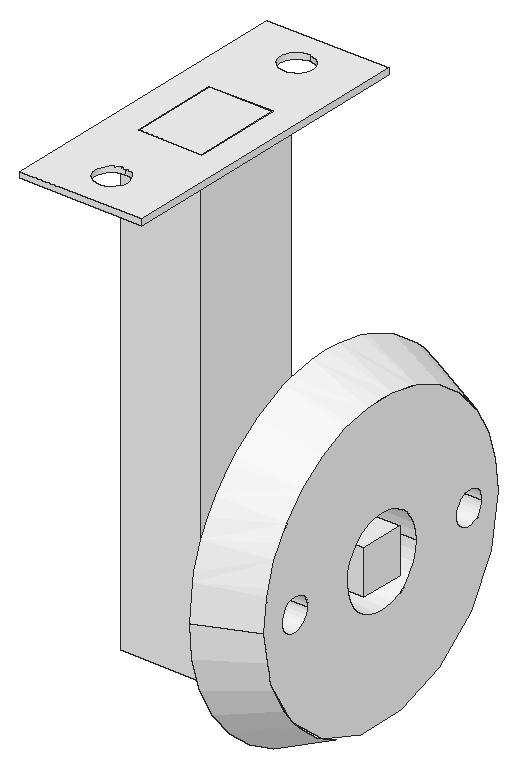
Revit family "KingswayGroup_Ddblts_QuarterTurnDeadbolt", category Specialty Equipment, Revit 2020
Family settings
  Round Connector Dimension = Use Diameter
  Part Type = Normal
  Work Plane-Based = Yes
  Always vertical = No
  Cut with Voids When Loaded = No
  Shared = No
  Room Calculation Point = No
Parameters (values of type "KG220 QuarterTurnDeadboltSquareKey")
  WarrantyStartDate [instance] = "1900-12-31T23:59:59"
  WarrantyGuarantorParts = "sales@kingswaygroup.co.uk"  # constant formula
  WarrantyGuarantorLabor = "n/a"
  WarrantyDurationUnit = "year"  # constant formula
  WarrantyDurationParts = "5"  # constant formula
  WarrantyDurationLabor = "n/a"
  WarrantyDescription = "5-Year Guarantee *For faulty manufacture and not for damage"  # constant formula
  Version = "1"
  Uniclass2015Version = "Products v1.36"  # constant formula
  Uniclass2015Title = "Deadbolts"  # constant formula
  Uniclass2015Code = "Pr_30_36_08_20"  # constant formula
  URL = "https://kingswaygroupglobal.com/"
  TagNumber [instance] = "n/a"
  SustainabilityPerformance = "n/a"
  Size = "n/a"
  Shape = "n/a"
  SerialNumber [instance] = "n/a"
  Revision = "n/a"
  ReplacementCost = "n/a"
  ProductInformation = "https://kingswaygroupglobal.com/product/quarter-turn-deadlock?noredirect=true"
  NominalWidth = 0.00 mm
  NominalLength = 0.00 mm
  NominalHeight = 0.00 mm
  Name = "Deadbolts_QuarterTurnDeadboltSquareKey_KG220_KingswayGroup"
  ModelReference = "Quarter Turn Deadbolt Square Key"
  ModelNumber = "KG220"
  Model = ModelNumber  # "KG220"
  Material = "For full range of available material, contact Kingsway Group"  # constant formula
  ManufacturerURL = "https://kingswaygroupglobal.com/"
  ManufacturerName = "Kingsway Group"  # constant formula
  Manufacturer = ManufacturerName  # "Kingsway Group"
  KG221 OvalKey = not(KG220 SquareKey)  # no
  KG220 SquareKey = yes
  InstallationDate [instance] = "1900-12-31T23:59:59"
  IfcExportType = "USERDEFINED"  # constant formula
  IfcExportAs = "IfcDiscreteAccessoryType"  # constant formula
  Grade = "n/a"
  Finish = "For full range of available finishes and colours, contact Kingsway Group"  # constant formula
  Features = "A security bolt fitted to half leaf doors to provide a secure alternative to flush bolts. It is operated using the Kingsway Staff Key and has a 15mm throw for maximum security."  # constant formula
  ExpectedLife = "n/a"
  DurationUnit = "year"  # constant formula
  DoorThickness54mm [instance] = not(DoorThickness44mm)  # no
  DoorThickness44mm [instance] = yes
  HalfLeafDoors [instance] = if(DoorThickness44mm, 22.00 mm, 27.00 mm)  # 22.00 mm
  DeadboltMaterial = NBS_Concept
  Description = "KG220 Quarter Turn Deadbolt Square Key"
  Default Elevation = 0.00 mm
  Constituents = "n/a"
  Color = "For full range of available finishes and colours, contact Kingsway Group"  # constant formula
  CodePerformance = "n/a"
  Category = "Pr_30_36_08_20:Deadbolts"  # constant formula
  BarCode [instance] = "n/a"
  BIMObjectName = "KingswayGroup_Deadbolts_QuarterTurnDeadbolt"  # constant formula
  Author = "Kingsway Group"  # constant formula
  AssetType = "Fixed"
  AssetIdentifier [instance] = "n/a"
  AccessibilityPerformance = "n/a"
Types (3, lengths in mm): name | Name | ModelReference | ModelNumber | Model | KG221 OvalKey | KG220 SquareKey | Description
  (no name) | "Deadbolts_QuarterTurnDeadboltSquareKey_KG220_KingswayGroup" | "Quarter Turn Deadbolt Square Key" | "KG220" | "KG220" | no | yes | "KG220 Quarter Turn Deadbolt Square Key"
  KG220 QuarterTurnDeadboltSquareKey | "Deadbolts_QuarterTurnDeadboltSquareKey_KG220_KingswayGroup" | "Quarter Turn Deadbolt Square Key" | "KG220" | "KG220" | no | yes | "KG220 Quarter Turn Deadbolt Square Key"
  KG221 QuarterTurnDeadboltOvalKey | "Deadbolts_QuarterTurnDeadboltOvalKey_KG221_KingswayGroup" | "Quarter Turn Deadbolt Oval Key" | "KG221" | "KG221" | yes | no | "KG221 Quarter Turn Deadbolt Oval Key"
Reference planes
  plane 1 "Center (Front/Back)": y = 0
  plane 2: z = 0
  plane 3 "Center (Left/Right)": x = 0
  plane 4: x = -14.75
  plane 5: x = -22
Forms (mm)
  Extrusion 1, solid, material "NBS_Concept" <- "DeadboltMaterial", visible <- "KG220 SquareKey"
    sketch origin (-22, 0, 0) x (0, 1, 0) y (0, 0, 1)
      loop
        line (4, 4) -> (-4, 4) -> (-4, -4) -> (4, -4) -> (4, 4)
    from 7.25 to 22
  Extrusion 2, solid, material "NBS_Concept" <- "DeadboltMaterial", visible <- "KG221 OvalKey"
    sketch origin (-22, 0, 0) x (0, 1, 0) y (0, 0, 1)
      loop
        spline (5.5, 0) -> (5.313, 1.191) -> (4.763, 2.3) -> (3.889, 3.253) -> (2.75, 3.984) -> (1.424, 4.443) -> (0, 4.6) -> (-1.424, 4.443) -> (-2.75, 3.984) -> (-3.889, 3.253) -> (-4.763, 2.3) -> (-5.313, 1.191) -> (-5.5, 0)
        spline (-5.5, 0) -> (-5.313, -1.191) -> (-4.763, -2.3) -> (-3.889, -3.253) -> (-2.75, -3.984) -> (-1.424, -4.443) -> (0, -4.6) -> (1.424, -4.443) -> (2.75, -3.984) -> (3.889, -3.253) -> (4.763, -2.3) -> (5.313, -1.191) -> (5.5, 0)
    from 7.25 to 22
Dimensions and locks
  nested 2 to nested 1 = 60.60 mm
  "HalfLeafDoors": plane 3 "Center (Left/Right)" to plane 5
  locked: plane 4 to plane 5 at 7.25
  aligned and locked: level to plane 2
  aligned and locked: plane 4 to nested 2
  aligned and locked: Extrusion 2 to plane 4
  aligned and locked: Extrusion 1 to plane 4
  aligned and locked: plane 5 to nested 2
Automatic sketch dimensions
  plane 1 "Center (Front/Back)" to Extrusion 1 sketch curve = 4.00 mm
  Extrusion 1 sketch curve to plane 1 "Center (Front/Back)" = 4.00 mm
  Extrusion 1 sketch curve to level = 4.00 mm
  level to Extrusion 1 sketch curve = 4.00 mm
  Extrusion 2 sketch curve to level = 0.00 mm
  Extrusion 2 sketch curve to plane 1 "Center (Front/Back)" = 0.00 mm
  Extrusion 2 sketch curve to plane 1 "Center (Front/Back)" = 5.50 mm
Nested families
  nested 1: "KG220 Quarter Turn Deadbolt Square Key" at (0, 0, 0) x (0, 1, 0) z (0, 0, 1), DeadboltSquareKeyMaterial <- "DeadboltMaterial", visible <- "KG220 SquareKey", type "KG220 Quarter Turn Deadbolt Square Key"
    with WarrantyStartDate "1900-12-31T23:59:59", TagNumber "n/a", SerialNumber "n/a", InstallationDate "1900-12-31T23:59:59", DeadboltSquareKeyMaterial NBS_Concept, BarCode "n/a", AssetIdentifier "n/a"
  nested 2: "SecurityBolt" at (-44.004, 0, 0.6) x (0, -1, 0) z (-1, 0, 0), SecurityBoltMaterial <- "DeadboltMaterial", type "SecurityBolt"
    with WarrantyStartDate "1900-12-31T23:59:59", TagNumber "n/a", SerialNumber "n/a", SecurityBoltMaterial NBS_Concept, InstallationDate "1900-12-31T23:59:59", BarCode "n/a", AssetIdentifier "n/a"
  nested 3: "KG221 Quarter Turn Deadbolt Oval Key" at (0, 0, 0) x (0, 1, 0) z (0, 0, 1), DeadboltSquareKeyMaterial <- "DeadboltMaterial", visible <- "KG221 OvalKey", type "KG221 Quarter Turn Deadbolt Oval Key"
    with WarrantyStartDate "1900-12-31T23:59:59", TagNumber "n/a", SerialNumber "n/a", InstallationDate "1900-12-31T23:59:59", DeadboltSquareKeyMaterial NBS_Concept, BarCode "n/a", AssetIdentifier "n/a"
Definition of nested family "KG220 Quarter Turn Deadbolt Square Key"
  Parameters (values of type "KG220 Quarter Turn Deadbolt Square Key")
    WarrantyStartDate [instance] = "1900-12-31T23:59:59"
    WarrantyGuarantorParts = "n/a"
    WarrantyGuarantorLabor = "n/a"
    WarrantyDurationUnit = "n/a"
    WarrantyDurationParts = "n/a"
    WarrantyDurationLabor = "n/a"
    WarrantyDescription = "n/a"
    Version = "1"
    Uniclass2015Version = "n/a"
    Uniclass2015Title = "n/a"
    Uniclass2015Code = "n/a"
    TagNumber [instance] = "n/a"
    SustainabilityPerformance = "n/a"
    Size = "n/a"
    Shape = "n/a"
    SerialNumber [instance] = "n/a"
    Revision = "n/a"
    ReplacementCost = "n/a"
    ProductInformation = "n/a"
    NominalWidth = 0.00 mm
    NominalLength = 0.00 mm
    NominalHeight = 0.00 mm
    Name = "KG220 Quarter Turn Deadbolt Square Key"
    ModelReference = "Quarter Turn Deadbolt Square Key"
    ModelNumber = "KG220"
    Material = "n/a"
    ManufacturerURL = "n/a"
    ManufacturerName = "Kingsway Group"  # constant formula
    Manufacturer = "n/a"
    InstallationDate [instance] = "1900-12-31T23:59:59"
    IfcExportType = "n/a"
    IfcExportAs = "n/a"
    Grade = "n/a"
    Finish = "n/a"
    Features = "n/a"
    ExpectedLife = "n/a"
    DurationUnit = "n/a"
    DeadboltSquareKeyMaterial [instance] = none
    Description = "KG220 Quarter Turn Deadbolt Square Key"
    Default Elevation = 0.00 mm
    Constituents = "n/a"
    Color = "n/a"
    CodePerformance = "n/a"
    Category = "n/a"
    BarCode [instance] = "n/a"
    BIMObjectName = "KG220 Quarter Turn Deadbolt Square Key"
    Author = "Kingsway Group"  # constant formula
    AssetType = "Fixed"
    AssetIdentifier [instance] = "n/a"
    AccessibilityPerformance = "n/a"
  Reference planes
    plane 1 "Center (Front/Back)": y = 0
    plane 2: z = 0
    plane 3 "Center (Left/Right)": x = 0
  Forms (mm)
    Extrusion 1, solid, material <- "DeadboltSquareKeyMaterial"
      sketch origin (-0.195, 0.043, 0) x (1, 0, 0) y (0, 0, 1)
        loop
          circle (0, 0) r 31
      from 0.043 to 10.04
    Sweep 2, void
      path in 3D
        loop
          arc (-31.195, -9.997, 0) -> (-0.195, -9.997, 31) -> (30.805, -9.997, 0) r 31
      profile origin (-0.195, -9.997, 31) x (0, 0, 1) y (0, -1, 0)
        loop
          line (-4.447, 2) -> (-4.447, 0) -> (0, -10) -> (2, -10) -> (2, 2) -> (-4.447, 2)
    Sweep 3, void
      path in 3D
        loop
          arc (-31.195, -9.957, 0) -> (-0.195, -9.957, -31) -> (30.805, -9.957, 0) r 31
      profile origin (-0.195, -9.957, -31) x (0, 0, 1) y (0, -1, 0)
        loop
          line (4.447, 2) -> (-2, 2) -> (-2, -10) -> (0, -10) -> (4.447, 0) -> (4.447, 2)
    Extrusion 4, void
      sketch origin (0, 0, 0) x (1, 0, 0) y (0, 0, 1)
        loop
          circle (0, 0) r 8
      from -0.043 to 9.957
    Extrusion 5, solid, material <- "DeadboltSquareKeyMaterial"
      sketch origin (0, 0, 0) x (1, 0, 0) y (0, 0, 1)
        loop
          line (-4, 4) -> (-4, -4) -> (4, -4) -> (4, 4) -> (-4, 4)
      from 0 to 10
    Extrusion 6, void
      sketch origin (0, 0, 0) x (1, 0, 0) y (0, 0, 1)
        loop
          circle (-19.82, 0) r 3
        loop
          circle (19.82, 0) r 3
      from 2.784 to 11.957
  Cuts and joins
    Sweep 2, Sweep 3, Extrusion 4, Extrusion 6 cuts Extrusion 1
  Lines and regions (mm)
    sketch lines
      curve 1: arc (-31.195, -9.997, 0) -> (-0.195, -9.997, 31) -> (30.805, -9.997, 0) r 31
      curve 2: arc (-31.195, -9.957, 0) -> (-0.195, -9.957, -31) -> (30.805, -9.957, 0) r 31
  Dimensions and locks
    aligned and locked: level to plane 2
Definition of nested family "SecurityBolt"
  Parameters (values of type "SecurityBolt")
    WarrantyStartDate [instance] = "1900-12-31T23:59:59"
    WarrantyGuarantorParts = "n/a"
    WarrantyGuarantorLabor = "n/a"
    WarrantyDurationUnit = "n/a"
    WarrantyDurationParts = "n/a"
    WarrantyDurationLabor = "n/a"
    WarrantyDescription = "n/a"
    Version = "1"
    Uniclass2015Version = "n/a"
    Uniclass2015Title = "n/a"
    Uniclass2015Code = "n/a"
    TagNumber [instance] = "n/a"
    SustainabilityPerformance = "n/a"
    Size = "n/a"
    Shape = "n/a"
    SerialNumber [instance] = "n/a"
    Revision = "n/a"
    ReplacementCost = "n/a"
    ProductInformation = "n/a"
    NominalWidth = 0.00 mm
    NominalLength = 0.00 mm
    NominalHeight = 0.00 mm
    Name = "SecurityBolt"
    ModelReference = "n/a"
    ModelNumber = "n/a"
    Material = "n/a"
    ManufacturerURL = "n/a"
    ManufacturerName = "Kingsway Group"  # constant formula
    Manufacturer = "n/a"
    InstallationDate [instance] = "1900-12-31T23:59:59"
    IfcExportType = "n/a"
    IfcExportAs = "n/a"
    Grade = "n/a"
    Finish = "n/a"
    Features = "n/a"
    ExpectedLife = "n/a"
    DurationUnit = "n/a"
    SecurityBoltMaterial [instance] = none
    Description = "SecurityBolt"
    Default Elevation = 1219.20 mm
    Constituents = "n/a"
    Color = "n/a"
    CodePerformance = "n/a"
    Category = "n/a"
    BarCode [instance] = "n/a"
    BIMObjectName = "SecurityBolt"
    Author = "Kingsway Group"  # constant formula
    AssetType = "Fixed"
    AssetIdentifier [instance] = "n/a"
    AccessibilityPerformance = "n/a"
  Reference planes
    plane 1 "Center (Front/Back)": y = 0
    plane 2: z = 0
    plane 3 "Center (Left/Right)": x = 0
  Forms (mm)
    Extrusion 1, solid, material <- "SecurityBoltMaterial", not visible
      sketch origin (-28.25, 4192.823, -1296.314) x (0, 1, 0) y (0, 0, 1)
        loop
          arc (-4151.662, 1462.303) -> (-4169.915, 1482.475) -> (-4192.823, 1497.148) r 102.72
          line (-4192.823, 1497.148) -> (-4192.823, 1496.012) -> (-4192.823, 1297.448) -> (-4192.823, 1296.312)
          arc (-4192.823, 1296.312) -> (-4169.9, 1311.008) -> (-4151.662, 1331.228) r 102.367
          line (-4151.662, 1331.228) -> (-4150.739, 1332.647) -> (-4149.959, 1334.137) -> (-4149.32, 1335.699) -> (-4148.752, 1337.26) -> (-4148.327, 1338.892) -> (-4147.972, 1340.595) -> (-4147.759, 1342.228) -> (-4147.759, 1343.931) -> (-4147.759, 1449.529) -> (-4147.759, 1451.232) -> (-4147.972, 1452.935) -> (-4148.327, 1454.568) -> (-4148.752, 1456.2) -> (-4149.32, 1457.832) -> (-4149.959, 1459.322) -> (-4150.739, 1460.813) -> (-4151.662, 1462.303)
      from 9.5 to 47
    Blend 2, void, not visible
      base sketch origin (-18.75, 4230.598, -1244.501) x (0, 1, 0) y (0, 0, 1)
        loop
          arc (-4189.42, 1396.998) -> (-4207.943, 1415.521) -> (-4226.466, 1396.998) r 18.523
          line (-4226.466, 1396.998) -> (-4226.466, 1292.42)
          arc (-4226.466, 1292.42) -> (-4207.943, 1273.897) -> (-4189.42, 1292.42) r 18.523
          line (-4189.42, 1292.42) -> (-4189.42, 1396.998)
      top sketch origin (-18.75, 4230.598, -1244.501) x (0, 1, 0) y (0, 0, 1)
        loop
          line (-4195.275, 1308.904) -> (-4195.275, 1380.47)
          arc (-4195.275, 1380.47) -> (-4208.037, 1393.232) -> (-4220.8, 1380.47) r 12.762
          line (-4220.8, 1380.47) -> (-4220.8, 1308.904)
          arc (-4220.8, 1308.904) -> (-4208.037, 1296.141) -> (-4195.275, 1308.904) r 12.762
      from 0 to 10
    Blend 3, void, not visible
      base sketch origin (-9.25, 4227.598, -1247.269) x (0, 1, 0) y (0, 0, -1)
        loop
          line (-4186.42, -1399.767) -> (-4186.42, -1295.188)
          arc (-4186.42, -1295.188) -> (-4204.943, -1276.665) -> (-4223.466, -1295.188) r 18.523
          line (-4223.466, -1295.188) -> (-4223.466, -1399.767)
          arc (-4223.466, -1399.767) -> (-4204.943, -1418.29) -> (-4186.42, -1399.767) r 18.523
      top sketch origin (-9.25, 4227.598, -1247.269) x (0, 1, 0) y (0, 0, -1)
        loop
          arc (-4192.275, -1311.672) -> (-4205.037, -1298.91) -> (-4217.8, -1311.672) r 12.762
          line (-4217.8, -1311.672) -> (-4217.8, -1383.238)
          arc (-4217.8, -1383.238) -> (-4205.037, -1396.001) -> (-4192.275, -1383.238) r 12.762
          line (-4192.275, -1383.238) -> (-4192.275, -1311.672)
      from -28 to -17.489
    Extrusion 4, void, not visible
      sketch origin (0, 80, 0) x (0, 0, -1) y (-1, 0, 0)
        loop
          circle (-13.998, 0) r 3.255
        loop
          circle (-185.998, 0) r 3.255
      from -80 to -70.202
    Extrusion 5, solid, material <- "SecurityBoltMaterial", not visible
      sketch origin (-28.25, 1396.73, 4192.823) x (0, 0, 1) y (0, -1, 0)
        loop
          arc (-4151.662, 1462.303) -> (-4169.915, 1482.475) -> (-4192.823, 1497.148) r 102.72
          line (-4192.823, 1497.148) -> (-4192.823, 1496.012) -> (-4192.823, 1297.448) -> (-4192.823, 1296.312)
          arc (-4192.823, 1296.312) -> (-4169.9, 1311.008) -> (-4151.662, 1331.228) r 102.367
          line (-4151.662, 1331.228) -> (-4150.739, 1332.647) -> (-4149.959, 1334.137) -> (-4149.32, 1335.699) -> (-4148.752, 1337.26) -> (-4148.327, 1338.892) -> (-4147.972, 1340.595) -> (-4147.759, 1342.228) -> (-4147.759, 1343.931) -> (-4147.759, 1449.529) -> (-4147.759, 1451.232) -> (-4147.972, 1452.935) -> (-4148.327, 1454.568) -> (-4148.752, 1456.2) -> (-4149.32, 1457.832) -> (-4149.959, 1459.322) -> (-4150.739, 1460.813) -> (-4151.662, 1462.303)
      from 9.5 to 47
    Blend 6, void, not visible
      base sketch origin (-18.75, 1344.917, 4230.598) x (0, 0, 1) y (0, -1, 0)
        loop
          arc (-4189.42, 1396.998) -> (-4207.943, 1415.521) -> (-4226.466, 1396.998) r 18.523
          line (-4226.466, 1396.998) -> (-4226.466, 1292.42)
          arc (-4226.466, 1292.42) -> (-4207.943, 1273.897) -> (-4189.42, 1292.42) r 18.523
          line (-4189.42, 1292.42) -> (-4189.42, 1396.998)
      top sketch origin (-18.75, 1344.917, 4230.598) x (0, 0, 1) y (0, -1, 0)
        loop
          line (-4195.275, 1308.904) -> (-4195.275, 1380.47)
          arc (-4195.275, 1380.47) -> (-4208.037, 1393.232) -> (-4220.8, 1380.47) r 12.762
          line (-4220.8, 1380.47) -> (-4220.8, 1308.904)
          arc (-4220.8, 1308.904) -> (-4208.037, 1296.141) -> (-4195.275, 1308.904) r 12.762
      from 0 to 10
    Blend 7, void, not visible
      base sketch origin (-9.25, 1347.685, 4227.598) x (0, 0, 1) y (0, 1, 0)
        loop
          line (-4186.42, -1399.767) -> (-4186.42, -1295.188)
          arc (-4186.42, -1295.188) -> (-4204.943, -1276.665) -> (-4223.466, -1295.188) r 18.523
          line (-4223.466, -1295.188) -> (-4223.466, -1399.767)
          arc (-4223.466, -1399.767) -> (-4204.943, -1418.29) -> (-4186.42, -1399.767) r 18.523
      top sketch origin (-9.25, 1347.685, 4227.598) x (0, 0, 1) y (0, 1, 0)
        loop
          arc (-4192.275, -1311.672) -> (-4205.037, -1298.91) -> (-4217.8, -1311.672) r 12.762
          line (-4217.8, -1311.672) -> (-4217.8, -1383.238)
          arc (-4217.8, -1383.238) -> (-4205.037, -1396.001) -> (-4192.275, -1383.238) r 12.762
          line (-4192.275, -1383.238) -> (-4192.275, -1311.672)
      from -28 to -17.489
    Extrusion 8, void, not visible
      sketch origin (0, 100.416, 80) x (0, 1, 0) y (-1, 0, 0)
        loop
          circle (-13.998, 0) r 3.255
        loop
          circle (-185.998, 0) r 3.255
      from -80 to -70.202
    Extrusion 9, solid, material <- "SecurityBoltMaterial"
      sketch origin (0, 0, 0) x (1, 0, 0) y (0, 1, 0)
        loop
          line (-27.994, 60) -> (-27.994, 58.99) -> (28.006, 58.99) -> (28.006, 60) -> (-27.994, 60)
      from -32.855 to -10.626
    Extrusion 10, solid, material <- "SecurityBoltMaterial"
      sketch origin (0, 0, -14.754) x (1, 0, 0) y (0, 1, 0)
        loop
          line (10.25, -24.302) -> (10.25, 59.034) -> (-10.25, 59.034) -> (-10.25, -24.302) -> (10.25, -24.302)
      from -14.5 to 0
    Extrusion 11, void
      sketch origin (0, 0, 0) x (1, 0, 0) y (0, 0, 1)
        loop
          circle (-21, -21.74) r 3
        loop
          circle (21, -21.74) r 3
        loop
          line (8, -16.254) -> (-8, -16.254) -> (-8, -27.754) -> (8, -27.754) -> (8, -16.254)
      from -61.839 to -56.227
    Extrusion 12, solid, material <- "SecurityBoltMaterial"
      sketch origin (0, 0, 0) x (1, 0, 0) y (0, 0, 1)
        loop
          line (-8, -16.254) -> (-8, -27.754) -> (8, -27.754) -> (8, -16.254) -> (-8, -16.254)
      from -60 to -58.99
  Cuts and joins
    Extrusion 11 cuts Extrusion 9
  Lines and regions (mm)
    model lines
      curve 1: line (0, -24.302, -22.004) -> (0, 59.034, -22.004)
  Dimensions and locks
    aligned and locked: level to plane 2
Definition of nested family "KG221 Quarter Turn Deadbolt Oval Key"
  Parameters (values of type "KG221 Quarter Turn Deadbolt Oval Key")
    WarrantyStartDate [instance] = "1900-12-31T23:59:59"
    WarrantyGuarantorParts = "n/a"
    WarrantyGuarantorLabor = "n/a"
    WarrantyDurationUnit = "n/a"
    WarrantyDurationParts = "n/a"
    WarrantyDurationLabor = "n/a"
    WarrantyDescription = "n/a"
    Version = "1"
    Uniclass2015Version = "n/a"
    Uniclass2015Title = "n/a"
    Uniclass2015Code = "n/a"
    TagNumber [instance] = "n/a"
    SustainabilityPerformance = "n/a"
    Size = "n/a"
    Shape = "n/a"
    SerialNumber [instance] = "n/a"
    Revision = "n/a"
    ReplacementCost = "n/a"
    ProductInformation = "n/a"
    NominalWidth = 0.00 mm
    NominalLength = 0.00 mm
    NominalHeight = 0.00 mm
    Name = "KG221 Quarter Turn Deadbolt Oval Key"
    ModelReference = "Quarter Turn Deadbolt Oval Key"
    ModelNumber = "KG221"
    Material = "n/a"
    ManufacturerURL = "n/a"
    ManufacturerName = "Kingsway Group"  # constant formula
    Manufacturer = "n/a"
    InstallationDate [instance] = "1900-12-31T23:59:59"
    IfcExportType = "n/a"
    IfcExportAs = "n/a"
    Grade = "n/a"
    Finish = "n/a"
    Features = "n/a"
    ExpectedLife = "n/a"
    DurationUnit = "n/a"
    DeadboltSquareKeyMaterial [instance] = none
    Description = "KG221 Quarter Turn Deadbolt Oval Key"
    Default Elevation = 0.00 mm
    Constituents = "n/a"
    Color = "n/a"
    CodePerformance = "n/a"
    Category = "n/a"
    BarCode [instance] = "n/a"
    BIMObjectName = "KG221 Quarter Turn Deadbolt Oval Key"
    Author = "Kingsway Group"  # constant formula
    AssetType = "Fixed"
    AssetIdentifier [instance] = "n/a"
    AccessibilityPerformance = "n/a"
  Reference planes
    plane 1 "Center (Front/Back)": y = 0
    plane 2: z = 0
    plane 3 "Center (Left/Right)": x = 0
  Forms (mm)
    Extrusion 1, solid, material <- "DeadboltSquareKeyMaterial"
      sketch origin (-0.195, 0.043, 0) x (1, 0, 0) y (0, 0, 1)
        loop
          circle (0, 0) r 31
      from 0.043 to 10.04
    Sweep 2, void
      path in 3D
        loop
          arc (-31.195, -9.997, 0) -> (-0.195, -9.997, 31) -> (30.805, -9.997, 0) r 31
      profile origin (-0.195, -9.997, 31) x (0, 0, 1) y (0, -1, 0)
        loop
          line (-4.447, 2) -> (-4.447, 0) -> (0, -10) -> (2, -10) -> (2, 2) -> (-4.447, 2)
    Sweep 3, void
      path in 3D
        loop
          arc (-31.195, -9.957, 0) -> (-0.195, -9.957, -31) -> (30.805, -9.957, 0) r 31
      profile origin (-0.195, -9.957, -31) x (0, 0, 1) y (0, -1, 0)
        loop
          line (4.447, 2) -> (-2, 2) -> (-2, -10) -> (0, -10) -> (4.447, 0) -> (4.447, 2)
    Extrusion 4, void
      sketch origin (0, 0, 0) x (1, 0, 0) y (0, 0, 1)
        loop
          circle (0, 0) r 8
      from -0.043 to 9.957
    Extrusion 5, solid, material <- "DeadboltSquareKeyMaterial"
      sketch origin (0, 0, 0) x (1, 0, 0) y (0, 0, 1)
        loop
          spline (-5.5, 0) -> (-5.313, -1.191) -> (-4.763, -2.3) -> (-3.889, -3.253) -> (-2.75, -3.984) -> (-1.424, -4.443) -> (0, -4.6) -> (1.424, -4.443) -> (2.75, -3.984) -> (3.889, -3.253) -> (4.763, -2.3) -> (5.313, -1.191) -> (5.5, 0)
          spline (5.5, 0) -> (5.313, 1.191) -> (4.763, 2.3) -> (3.889, 3.253) -> (2.75, 3.984) -> (1.424, 4.443) -> (0, 4.6) -> (-1.424, 4.443) -> (-2.75, 3.984) -> (-3.889, 3.253) -> (-4.763, 2.3) -> (-5.313, 1.191) -> (-5.5, 0)
      from 0 to 10
    Extrusion 6, void
      sketch origin (0, 0, 0) x (1, 0, 0) y (0, 0, 1)
        loop
          circle (-19.82, 0) r 3
        loop
          circle (19.82, 0) r 3
      from 2.784 to 11.957
  Cuts and joins
    Sweep 2, Sweep 3, Extrusion 4, Extrusion 6 cuts Extrusion 1
  Lines and regions (mm)
    sketch lines
      curve 1: arc (-31.195, -9.997, 0) -> (-0.195, -9.997, 31) -> (30.805, -9.997, 0) r 31
      curve 2: arc (-31.195, -9.957, 0) -> (-0.195, -9.957, -31) -> (30.805, -9.957, 0) r 31
  Dimensions and locks
    aligned and locked: level to plane 2
